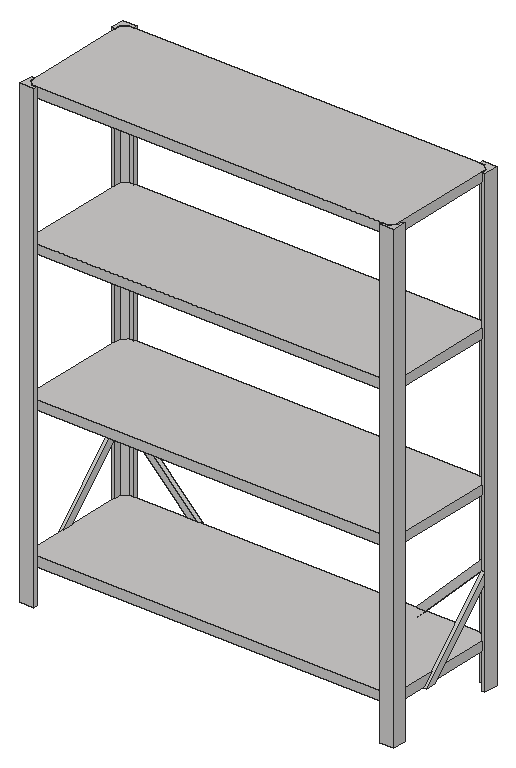
Revit family "QF_ZANUSSI_132948_NSC1570", category Attrezzature speciali, Revit 2020
Family settings
  Quota connettore circolare = Usa diametro
  Tipo di parte = Normale
  Basato su piano di lavoro = No
  Sempre verticale = Sì
  Taglio con vuoti quando caricato = No
  Condiviso = No
  Punto di calcolo locali = No
Parameters (values of type "Standard")
  Weight = 45.00 kg
  Watts = 0 W
  Volts = 0 V
  URL Manufacturer = "http://www.zanussiprofessional.com"
  URL = "http://www.zanussiprofessional.com"
  Steam Supply Size = 0 mm
  Steam Supply Minimum Pressure = 0.0 Pa
  Steam Supply Maximum Pressure = 0.0 Pa
  Steam Consumption per Hour = 0
  Refrigeration Suction Line Size = 0.0 mm
  Refrigeration Liquid Line Size = 0.0 mm
  Refrigerant Compressor Remote = yes
  Prospetto di default = 0.0 mm
  Phase = 0
  Modello = "NSC1570"
  Produttore = "Zanussi"
  Length Actual = 1600.0 mm  # constant formula
  Item Number = "132948"
  Hot Water Size = 0 mm
  Height Actual = 1990.0 mm  # constant formula
  HP = "0 HP"
  Gas Size = 0 mm
  Gas KW = 0
  Gas Input Pressure = 0 W
  Direct Waste Size = 0 mm
  Descrizione = "S/S SHELVING WITH 4 SOLID SHELVES, 1570MM"
  Depth Actual = 550.0 mm  # constant formula
  Cycle = 0 Hz
  Condensate Return Size = 0 mm
  Compressed Air Volume = 0.0 L/s
  Compressed Air Size = 0 mm
  Compressed Air Pressure = 0.0 Pa
  Cold Water Size = 0 mm
  Accessory = yes
Reference planes
  plane 1 "Center (Front/Back)": y = 0
  plane 2: z = 0
  plane 3 "Center (Left/Right)": x = 0
  plane 4 "LEFT": x = -800
  plane 5 "RIGHT": x = 800
  plane 6 "BACK": y = 275
  plane 7 "FRONT": y = -275
  plane 8 "L1": z = 190
  plane 9 "TOP": z = 1990
  plane 10 "L2": z = 790
  plane 11 "L3": z = 1390
  plane 12: x = 740
  plane 13: y = -215
  plane 14: y = 215
  plane 15: x = -740
Forms (mm)
  Extrusion 1, solid, material "QF_Finishes_Stainless Steel"
    sketch origin (0, 0, 0) x (1, 0, 0) y (0, 1, 0)
      loop
        line (-800, 275) -> (-800, 215) -> (-785, 215) -> (-785, 237.5) -> (-762.5, 260) -> (-740, 260) -> (-740, 275) -> (-800, 275)
      loop
        line (-800, -275) -> (-740, -275) -> (-740, -260) -> (-762.5, -260) -> (-785, -237.5) -> (-785, -215) -> (-800, -215) -> (-800, -275)
    from 0 to 1990
  Extrusion 2, solid, material "QF_Finishes_Stainless Steel"
    sketch origin (0, 0, 1990) x (0, 1, 0) y (-1, 0, 0)
      loop
        line (-237.5, 785) -> (-260, 762.5) -> (-260, -762.5) -> (-237.5, -785) -> (237.5, -785) -> (260, -762.5) -> (260, 762.5) -> (237.5, 785) -> (-237.5, 785)
    from 0 to -40
  Extrusion 3, solid, material "QF_Finishes_Stainless Steel"
    sketch origin (0, 275, 0) x (1, 0, 0) y (0, 0, -1)
      loop
        line (470.026, -150) -> (427.6, -150) -> (757.678, -480.078) -> (778.891, -458.864) -> (470.026, -150)
    from 0 to -15
  Extrusion 4, solid, material "QF_Finishes_Stainless Steel"
    sketch origin (-800, 0, 0) x (0, 1, 0) y (0, 0, 1)
      loop
        line (-54.974, 150) -> (253.891, 458.864) -> (232.678, 480.078) -> (-97.4, 150) -> (-54.974, 150)
    from 0 to 15
  Extrusion 5, solid, material "QF_Finishes_Stainless Steel"
    sketch origin (800, 0, 0) x (0, 1, 0) y (0, 0, 1)
      loop
        line (-54.974, 150) -> (253.891, 458.864) -> (232.678, 480.078) -> (-97.4, 150) -> (-54.974, 150)
    from 0 to -15
  Extrusion 6, solid, material "QF_Finishes_Stainless Steel"
    sketch origin (0, 0, 0) x (-1, 0, 0) y (0, -1, 0)
      loop
        line (-800, -275) -> (-740, -275) -> (-740, -260) -> (-762.5, -260) -> (-785, -237.5) -> (-785, -215) -> (-800, -215) -> (-800, -275)
      loop
        line (-800, 275) -> (-800, 215) -> (-785, 215) -> (-785, 237.5) -> (-762.5, 260) -> (-740, 260) -> (-740, 275) -> (-800, 275)
    from 0 to 1990
  Extrusion 7, solid, material "QF_Finishes_Stainless Steel"
    sketch origin (0, 0, 190) x (0, 1, 0) y (-1, 0, 0)
      loop
        line (-237.5, 785) -> (-260, 762.5) -> (-260, -762.5) -> (-237.5, -785) -> (237.5, -785) -> (260, -762.5) -> (260, 762.5) -> (237.5, 785) -> (-237.5, 785)
    from 0 to -40
  Extrusion 8, solid, material "QF_Finishes_Stainless Steel"
    sketch origin (0, 0, 790) x (0, 1, 0) y (-1, 0, 0)
      loop
        line (-237.5, 785) -> (-260, 762.5) -> (-260, -762.5) -> (-237.5, -785) -> (237.5, -785) -> (260, -762.5) -> (260, 762.5) -> (237.5, 785) -> (-237.5, 785)
    from 0 to -40
  Extrusion 9, solid, material "QF_Finishes_Stainless Steel"
    sketch origin (0, 0, 1390) x (0, 1, 0) y (-1, 0, 0)
      loop
        line (-237.5, 785) -> (-260, 762.5) -> (-260, -762.5) -> (-237.5, -785) -> (237.5, -785) -> (260, -762.5) -> (260, 762.5) -> (237.5, 785) -> (-237.5, 785)
    from 0 to -40
  Extrusion 10, solid, material "QF_Finishes_Stainless Steel"
    sketch origin (0, 275, 0) x (-1, 0, 0) y (0, 0, 1)
      loop
        line (470.026, 150) -> (778.891, 458.864) -> (757.678, 480.078) -> (427.6, 150) -> (470.026, 150)
    from 0 to -15
Cuts and joins
  joined: Extrusion 1, Extrusion 3, Extrusion 4, Extrusion 5
Lines and regions (mm)
  symbolic lines
    curve 1: line (-800, 215, 190) -> (-800, 275, 190)
    curve 2: line (-800, 275, 190) -> (-740, 275, 190)
    curve 3: line (-740, 275, 190) -> (-740, 260, 190)
    curve 4: line (-740, 260, 190) -> (-762.5, 260, 190)
    curve 5: line (-762.5, 260, 190) -> (-785, 237.5, 190)
    curve 6: line (-785, 237.5, 190) -> (-785, 215, 190)
    curve 7: line (-785, 215, 190) -> (-800, 215, 190)
    curve 8: line (-800, -215, 190) -> (-785, -215, 190)
    curve 9: line (-785, -215, 190) -> (-785, -237.5, 190)
    curve 10: line (-785, -237.5, 190) -> (-762.5, -260, 190)
    curve 11: line (-762.5, -260, 190) -> (-740, -260, 190)
    curve 12: line (-740, -260, 190) -> (-740, -275, 190)
    curve 13: line (-740, -275, 190) -> (-800, -275, 190)
    curve 14: line (-800, -275, 190) -> (-800, -215, 190)
    curve 15: line (740, -275, 190) -> (800, -275, 190)
    curve 16: line (800, -275, 190) -> (800, -215, 190)
    curve 17: line (800, -215, 190) -> (785, -215, 190)
    curve 18: line (785, -215, 190) -> (785, -237.5, 190)
    curve 19: line (785, -237.5, 190) -> (762.5, -260, 190)
    curve 20: line (762.5, -260, 190) -> (740, -260, 190)
    curve 21: line (740, -260, 190) -> (740, -275, 190)
    curve 22: line (740, 275, 190) -> (740, 260, 190)
    curve 23: line (740, 260, 190) -> (762.5, 260, 190)
    curve 24: line (762.5, 260, 190) -> (785, 237.5, 190)
    curve 25: line (785, 237.5, 190) -> (785, 215, 190)
    curve 26: line (785, 215, 190) -> (800, 215, 190)
    curve 27: line (800, 215, 190) -> (800, 275, 190)
    curve 28: line (800, 275, 190) -> (740, 275, 190)
    curve 29: line (-740, 260, 190) -> (740, 260, 190)
    curve 30: line (785, 215, 190) -> (785, -215, 190)
    curve 31: line (740, -260, 190) -> (-740, -260, 190)
    curve 32: line (-785, -215, 190) -> (-785, 215, 190)
    curve 33: line (-800, -275, 190) -> (800, 275, 190)
Dimensions and locks
  plane 4 "LEFT" to plane 5 "RIGHT" = 1600.0 mm
  equal spacing: plane 4 "LEFT", plane 3 "Center (Left/Right)", plane 5 "RIGHT"
  equal spacing: plane 6 "BACK", plane 1 "Center (Front/Back)", plane 7 "FRONT"
  plane 6 "BACK" to plane 7 "FRONT" = 550.0 mm
  locked: plane 8 "L1" to level at 190
  locked: plane 9 "TOP" to level at 1990
  plane 9 "TOP" to plane 11 "L3" to plane 10 "L2" to plane 8 "L1" = 600.0 mm, 600.0 mm, 600.0 mm
  locked: cut or joined group of Extrusion 1, Extrusion 3, Extrusion 4, Extrusion 5 to cut or joined group of Extrusion 1, Extrusion 3, Extrusion 4, Extrusion 5 at 30
  locked: plane 5 "RIGHT" to Extrusion 3 sketch curve at 329.974
  locked: plane 6 "BACK" to plane 14 at 60
  locked: plane 13 to plane 7 "FRONT" at 60
  locked: plane 15 to plane 4 "LEFT" at 60
  locked: plane 5 "RIGHT" to plane 12 at 60
  locked: plane 8 "L1" to cut or joined group of Extrusion 1, Extrusion 3, Extrusion 4, Extrusion 5 (angle 45.00°)
  aligned and locked: level to plane 2
  aligned and locked: plane 4 "LEFT" to cut or joined group of Extrusion 1, Extrusion 3, Extrusion 4, Extrusion 5
  aligned and locked: cut or joined group of Extrusion 1, Extrusion 3, Extrusion 4, Extrusion 5 to plane 15
Automatic sketch dimensions
  Extrusion 1 sketch curve to plane 4 "LEFT" = 0.0 mm  (x2)
  Extrusion 1 sketch curve to plane 13 = 0.0 mm
  Extrusion 1 sketch curve to plane 14 = 0.0 mm
  Extrusion 1 sketch curve to plane 15 = 0.0 mm  (x2)
  Extrusion 1 sketch curve to plane 6 "BACK" = 0.0 mm
  Extrusion 1 sketch curve to plane 7 "FRONT" = 0.0 mm
  plane 4 "LEFT" to Extrusion 1 sketch curve = 15.0 mm  (x2)
  plane 15 to Extrusion 1 sketch curve = 22.5 mm  (x2)
  plane 7 "FRONT" to Extrusion 1 sketch curve = 15.0 mm
  Extrusion 1 sketch curve to Extrusion 1 sketch curve = 22.5 mm
  plane 14 to Extrusion 1 sketch curve = 22.5 mm
  Extrusion 1 sketch curve to Extrusion 1 sketch curve = 15.0 mm
  plane 7 "FRONT" to Extrusion 2 sketch curve = 15.0 mm
  Extrusion 2 sketch curve to plane 13 = 22.5 mm  (x2)
  plane 14 to Extrusion 2 sketch curve = 22.5 mm  (x2)
  Extrusion 2 sketch curve to plane 6 "BACK" = 15.0 mm
  Extrusion 2 sketch curve to plane 5 "RIGHT" = 15.0 mm
  Extrusion 2 sketch curve to plane 12 = 22.5 mm  (x2)
  plane 15 to Extrusion 2 sketch curve = 22.5 mm  (x2)
  plane 4 "LEFT" to Extrusion 2 sketch curve = 15.0 mm
  plane 8 "L1" to Extrusion 3 sketch curve = 40.0 mm
  Extrusion 3 sketch curve to Extrusion 3 sketch curve = 42.426 mm
  plane 12 to Extrusion 3 sketch curve = 17.678 mm
  plane 5 "RIGHT" to Extrusion 3 sketch curve = 21.109 mm
  Extrusion 4 sketch curve to plane 8 "L1" = 40.0 mm
  plane 1 "Center (Front/Back)" to Extrusion 4 sketch curve = 97.4 mm
  Extrusion 4 sketch curve to Extrusion 4 sketch curve = 42.426 mm
  plane 14 to Extrusion 4 sketch curve = 17.678 mm
  Extrusion 4 sketch curve to plane 6 "BACK" = 21.109 mm
  Extrusion 5 sketch curve to plane 8 "L1" = 40.0 mm
  plane 1 "Center (Front/Back)" to Extrusion 5 sketch curve = 97.4 mm
  Extrusion 5 sketch curve to Extrusion 5 sketch curve = 42.426 mm
  plane 14 to Extrusion 5 sketch curve = 17.678 mm
  Extrusion 5 sketch curve to plane 6 "BACK" = 21.109 mm
  Extrusion 6 sketch curve to plane 5 "RIGHT" = 0.0 mm  (x2)
  plane 13 to Extrusion 6 sketch curve = 0.0 mm
  plane 14 to Extrusion 6 sketch curve = 0.0 mm
  Extrusion 6 sketch curve to plane 12 = 0.0 mm  (x2)
  Extrusion 6 sketch curve to plane 6 "BACK" = 0.0 mm
  plane 7 "FRONT" to Extrusion 6 sketch curve = 0.0 mm
  plane 5 "RIGHT" to Extrusion 6 sketch curve = 15.0 mm  (x2)
  plane 12 to Extrusion 6 sketch curve = 22.5 mm  (x2)
  Extrusion 6 sketch curve to plane 7 "FRONT" = 15.0 mm
  plane 13 to Extrusion 6 sketch curve = 22.5 mm
  Extrusion 6 sketch curve to Extrusion 6 sketch curve = 22.5 mm
  plane 6 "BACK" to Extrusion 6 sketch curve = 15.0 mm
  plane 7 "FRONT" to Extrusion 7 sketch curve = 15.0 mm
  Extrusion 7 sketch curve to plane 13 = 22.5 mm  (x2)
  plane 14 to Extrusion 7 sketch curve = 22.5 mm  (x2)
  Extrusion 7 sketch curve to plane 6 "BACK" = 15.0 mm
  Extrusion 7 sketch curve to plane 5 "RIGHT" = 15.0 mm
  Extrusion 7 sketch curve to plane 12 = 22.5 mm  (x2)
  plane 15 to Extrusion 7 sketch curve = 22.5 mm  (x2)
  plane 4 "LEFT" to Extrusion 7 sketch curve = 15.0 mm
  plane 7 "FRONT" to Extrusion 8 sketch curve = 15.0 mm
  Extrusion 8 sketch curve to plane 13 = 22.5 mm  (x2)
  plane 14 to Extrusion 8 sketch curve = 22.5 mm  (x2)
  Extrusion 8 sketch curve to plane 6 "BACK" = 15.0 mm
  Extrusion 8 sketch curve to plane 5 "RIGHT" = 15.0 mm
  Extrusion 8 sketch curve to plane 12 = 22.5 mm  (x2)
  plane 15 to Extrusion 8 sketch curve = 22.5 mm  (x2)
  plane 4 "LEFT" to Extrusion 8 sketch curve = 15.0 mm
  plane 7 "FRONT" to Extrusion 9 sketch curve = 15.0 mm
  Extrusion 9 sketch curve to plane 13 = 22.5 mm  (x2)
  plane 14 to Extrusion 9 sketch curve = 22.5 mm  (x2)
  Extrusion 9 sketch curve to plane 6 "BACK" = 15.0 mm
  Extrusion 9 sketch curve to plane 5 "RIGHT" = 15.0 mm
  Extrusion 9 sketch curve to plane 12 = 22.5 mm  (x2)
  plane 15 to Extrusion 9 sketch curve = 22.5 mm  (x2)
  plane 4 "LEFT" to Extrusion 9 sketch curve = 15.0 mm
  curve 21 to plane 7 "FRONT" = 0.0 mm
  curve 33 to plane 4 "LEFT" = 0.0 mm
  curve 33 to plane 7 "FRONT" = 0.0 mm
  curve 31 to plane 12 = 0.0 mm
  curve 31 to plane 15 = 0.0 mm
  curve 8 to plane 13 = 0.0 mm
  plane 13 to curve 30 = 0.0 mm
  curve 1 to plane 4 "LEFT" = 0.0 mm
  curve 1 to plane 14 = 0.0 mm
  curve 26 to plane 5 "RIGHT" = 0.0 mm
  plane 14 to curve 26 = 0.0 mm
  curve 4 to plane 15 = 0.0 mm
  curve 23 to plane 12 = 0.0 mm
  plane 6 "BACK" to curve 27 = 0.0 mm
  curve 3 to plane 6 "BACK" = 0.0 mm
  curve 16 to plane 5 "RIGHT" = 0.0 mm
  curve 15 to curve 31 = 15.0 mm
  curve 10 to plane 13 = 22.5 mm
  curve 19 to plane 13 = 22.5 mm
  curve 25 to curve 24 = 22.5 mm
  curve 6 to curve 6 = 22.5 mm
  curve 23 to plane 6 "BACK" = 15.0 mm
  curve 26 to curve 25 = 15.0 mm
  curve 24 to curve 22 = 22.5 mm
  curve 20 to curve 20 = 22.5 mm
  plane 15 to curve 4 = 22.5 mm
  plane 15 to curve 11 = 22.5 mm
  plane 4 "LEFT" to curve 6 = 15.0 mm
  Extrusion 10 sketch curve to plane 8 "L1" = 40.0 mm
  Extrusion 10 sketch curve to plane 15 = 312.4 mm
  Extrusion 10 sketch curve to Extrusion 10 sketch curve = 42.426 mm
  plane 15 to Extrusion 10 sketch curve = 17.678 mm
  plane 4 "LEFT" to Extrusion 10 sketch curve = 21.109 mm
